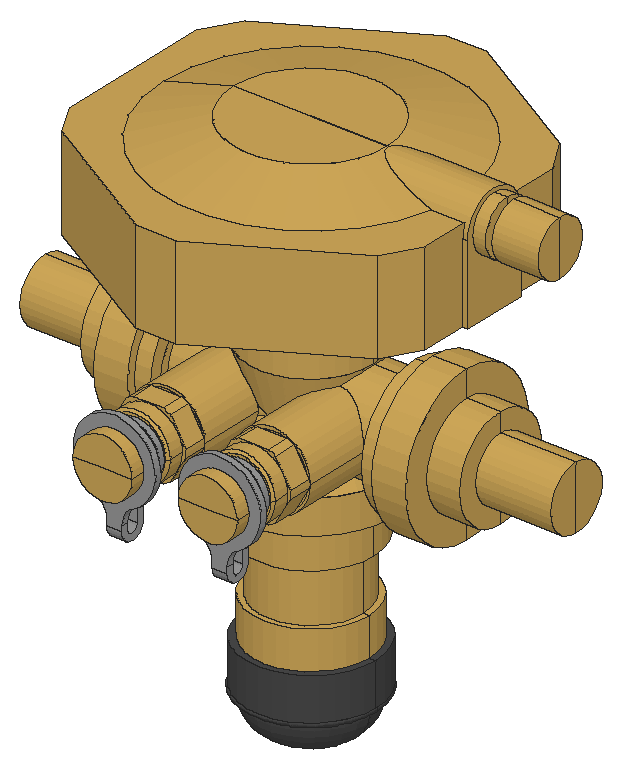
Revit family "Комби-клапан – регулятор расхода 4001", category Rohrzubehör, Revit 2018
Family settings
  Bemaßung runder Anschluss = Durchmesser verwenden
  Teiletyp = Unterbricht
  OmniClass-Nummer = 23.65.55.14
  OmniClass-Titel = Valves for Liquid Services
  Arbeitsebenenbasiert = Nein
  Immer vertikal = Ja
  Beim Laden mit Abzugskörper schneiden = Nein
  Gemeinsam genutzt = Nein
Parameters
  Номер заказа резьбового соединения [instance] = size_lookup("4001_", "Vrnr", 0, Nennweite)  # 1621011
  Номер заказа [instance] = size_lookup("4001_", "Artnr", 0, Nennweite)  # 1400121
  Мин. рабочая температура (антифриз) = -20 °C  # constant formula
  Макс. рабочая температура до DN32 = 130 °C  # constant formula
  Макс. рабочая температура от DN40 = 110 °C  # constant formula
  Макс. рабочее давление = 1600000.0 Pa  # constant formula
  VRL04 = 8.000 mm  # constant formula
  VRL03 [instance] = L01 + 4.000 mm  # 12.000 mm
  VRL02 = 18.000 mm  # constant formula
  VRL01 [instance] = size_lookup("4001_", "VRL1", 30.000 mm, Nennweite)  # 30.000 mm
  URL = "www.herz-armaturen.ru"
  SCRNSEQ = "ARM;ARM_TYP=\"DURR\";2"
  SCRNCODE = "05;04;02"  # constant formula
  S05 [instance] = VRL01  # 30.000 mm
  S04 [instance] = H08 + (S03 / 2)  # 45.750 mm
  S03 [instance] = H09 + 4.700 mm  # 26.500 mm
  S02 [instance] = VRD01 * 2  # 36.400 mm
  S01 = 10.000 mm  # constant formula
  R12 = 3.900 mm  # constant formula
  R11 = 6.500 mm  # constant formula
  R10 = 35.000 mm  # constant formula
  R09 = 18.250 mm  # constant formula
  R08 = 11.300 mm  # constant formula
  R07 [instance] = size_lookup("4001_", "R7", 17.300 mm, Nennweite)  # 17.300 mm
  R06 [instance] = size_lookup("4001_", "R6", 19.000 mm, Nennweite)  # 19.000 mm
  R05 = 15.000 mm  # constant formula
  R04 = 12.500 mm  # constant formula
  R02 [instance] = size_lookup("4001_", "R2", 15.000 mm, Nennweite)  # 15.000 mm
  R01 [instance] = size_lookup("4001_", "R1", 11.500 mm, Nennweite)  # 11.500 mm
  PN = 16  # constant formula
  Nennweite [instance] = 15.000 mm
  Мин. рабочая температура (чистая вода) = 2 °C  # constant formula
  Мембрана и O-Ringe = "EPDM"  # constant formula
  Среда = "Качество теплоносителя в соответствии с ÖNORM H5195 и/или предписаниями VDI-Standard 2035.\nРазрешается использование смеси этилен- или пропиленгликоля в соотношении 25-50% с водой."
  L06 [instance] = L00 / 2  # 33.000 mm
  L05 = 11.000 mm  # constant formula
  L04 = 1.500 mm  # constant formula
  L03 = 3.200 mm  # constant formula
  L02 = 43.500 mm  # constant formula
  L01 [instance] = size_lookup("4001_", "L1", 8.000 mm, Nennweite)  # 8.000 mm
  L00 [instance] = size_lookup("4001_", "L", 66.000 mm, Nennweite)  # 66.000 mm
  Hersteller = "Herz-Armaturen GmbH"  # constant formula
  H13 [instance] = H02 - H05 - H03 - H04 - 2.000 mm  # 17.700 mm
  H12 = 19.250 mm  # constant formula
  H11 [instance] = size_lookup("4001_", "H11", 59.000 mm, Nennweite)  # 59.000 mm
  H10 [instance] = H08 + H09  # 54.300 mm
  H09 = 21.800 mm  # constant formula
  H08 [instance] = H01 + H06 + H07  # 32.500 mm
  H07 = 4.000 mm  # constant formula
  H06 [instance] = size_lookup("4001_", "H6", 10.000 mm, Nennweite)  # 10.000 mm
  H05 = 9.000 mm  # constant formula
  H04 [instance] = size_lookup("4001_", "H4", 9.600 mm, Nennweite)  # 9.600 mm
  H03 [instance] = size_lookup("4001_", "H3", 13.000 mm, Nennweite)  # 13.000 mm
  H02 [instance] = size_lookup("4001_", "H2", 55.300 mm, Nennweite)  # 51.300 mm
  H01 [instance] = size_lookup("4001_", "H1", 18.500 mm, Nennweite)  # 18.500 mm
  Корпус = "Латунь, устойчивая к селективной цинковой коррозии"  # constant formula
  VRG03 [instance] = Nennweite / 2  # 7.500 mm
  G02 [instance] = size_lookup("4001_", "G2", 13.900 mm, Nennweite)  # 13.900 mm
  G01 [instance] = size_lookup("4001_", "G1", 13.200 mm, Nennweite)  # 13.200 mm
  DN50 [instance] = Nennweite = 50.000 mm  # no
  DN40 [instance] = Nennweite = 40.000 mm  # no
  DN32 [instance] = Nennweite = 32.000 mm  # no
  DN25 [instance] = Nennweite = 25.000 mm  # no
  DN20 [instance] = Nennweite = 20.000 mm  # no
  DN15 [instance] = Nennweite = 15.000 mm  # yes
  VRD03 [instance] = VRG03 + 4.500 mm  # 12.000 mm
  VRD02 [instance] = G01 + 3.000 mm  # 16.200 mm
  VRD01 [instance] = G01 + 5.000 mm  # 18.200 mm
  Область применения = "Регулятор расхода применяется в системах отопления и охлаждения с циркуляционными насосами. Регулятор расхода автоматически ограничивает расход на выбранном участке системы до заданного значения, компенсируя все колебания давления. При этом нет необходимости в измерениях, а регулирование эффективно при любых условиях эксплуатации. Регулятор расхода регулирует расход в соответствии с настройкой до заданного значения; на мембрану воздействует давление непосредственно до и после регулирующей части. \nПреднастройка определяется расходом; соответственно при монтаже требуемый расход можно настроить согласно диаграмме. Таким образом, можно сбалансировать, к примеру, контуры систем отопления, охлаждения, систем панельно-лучистого отопления и охлаждения, воздушного отопления без учета распределения потерь давления в них."
Reference planes
  plane 1 "Mitte (Vorne/hinten)": y = 0
  plane 2: z = 0
  plane 3 "Mitte (Links/rechts)": x = 0
Forms (mm)
  Revolve 1, solid, material "Messing, weicher Gelbton, geschweißt", detail levels fine
    sketch origin (0, 0, 0) x (1, 0, 0) y (0, 0, 1)
      loop
        line (-33, 0) -> (33, 0) -> (33, 13.2) -> (25, 13.2) -> (25, 11.5) -> (-25, 11.5) -> (-25, 13.2) -> (-33, 13.2) -> (-33, 0)
      axis (-33, 0) -> (33, 0)
    angle from 0 to 360
  Revolve 2, solid, material "Messing, weicher Gelbton, geschweißt", detail levels fine
    sketch origin (0, 0, 0) x (1, 0, 0) y (0, 0, 1)
      loop
        line (0, -51.3) -> (0, 18.5) -> (-15, 18.5) -> (-15, 11.5) -> (-11.5, 0) -> (-19, -11.5) -> (-19, -19.7) -> (-15, -19.7) -> (-15, -29.3) -> (-12.5, -29.3) -> (-12.5, -42.3) -> (-13.9, -42.3) -> (-13.9, -51.3) -> (0, -51.3)
      axis (0, 18.5) -> (0, -51.3)
    angle from 0 to 360
  Revolve 3, solid, material "Messing, weicher Gelbton, geschweißt", detail levels fine
    sketch origin (0, 0, 0) x (1, 0, 0) y (0, 0, 1)
      loop
        line (0, 18.5) -> (0, 32.5) -> (-11.3, 32.5) -> (-11.3, 28.5) -> (-17.3, 28.5) -> (-17.3, 18.5) -> (0, 18.5)
      axis (0, 32.5) -> (0, 18.5)
    angle from 0 to 360
  Extrusion 4, solid, material "Messing, weicher Gelbton, geschweißt", detail levels fine
    sketch origin (0, 0, 0) x (0, -1, 0) y (1, 0, 0)
      loop
        line (-46, -4.75) -> (-27.114, -37.462) -> (-18.886, -42.212) -> (18.886, -42.212) -> (27.114, -37.462) -> (46, -4.75) -> (46, 4.75) -> (27.114, 37.462) -> (18.886, 42.212) -> (-18.886, 42.212) -> (-27.114, 37.462) -> (-46, 4.75) -> (-46, -4.75)
    from 32.5 to 54.3
  Revolve 5, solid, material "Messing, weicher Gelbton, geschweißt", detail levels fine
    sketch origin (0, 0, 0) x (1, 0, 0) y (0, 0, 1)
      loop
        line (0, 54.3) -> (0, 59) -> (-18.25, 59) -> (-35, 54.3) -> (0, 54.3)
      axis (0, 59) -> (0, 54.3)
    angle from 0 to 360
  Extrusion 6, solid, material "Messing, weicher Gelbton, geschweißt", detail levels fine
    sketch origin (0, 0, 0) x (0, 1, 0) y (0, 0, 1)
      loop
        arc (7.85, 51.15) -> (0, 59) -> (-7.85, 51.15) r 7.85
        line (-7.85, 51.15) -> (-7.85, 32.5) -> (7.85, 32.5) -> (7.85, 51.15)
    from 0 to 43.5
  Revolve 7, solid, material "Messing, weicher Gelbton, geschweißt", detail levels fine
    sketch origin (0, 0, 0) x (1, 0, 0) y (0, 0, 1)
      loop
        line (43.5, 51.75) -> (59.2, 51.75) -> (59.2, 58.25) -> (48.2, 58.25) -> (48.2, 55.65) -> (46.7, 55.65) -> (46.7, 58.25) -> (43.5, 58.25) -> (43.5, 51.75)
      axis (43.5, 51.75) -> (59.2, 51.75)
    angle from 0 to 360
  Revolve 8, solid, material "Messing, weicher Gelbton, geschweißt", visible <- "DN15", detail levels fine
    sketch origin (0, 0, 0) x (1, 0, 0) y (0, 1, 0)
      loop
        line (12.5, 0) -> (12.5, -27) -> (21.6, -27) -> (21.6, 0) -> (12.5, 0)
      axis (12.5, 0) -> (12.5, -27)
    angle from 0 to 360
  Revolve 9, solid, material "Messing, weicher Gelbton, geschweißt", visible <- "DN20", detail levels fine
    sketch origin (-2, 0, 0) x (1, 0, 0) y (0, 1, 0)
      loop
        line (-12.5, 27) -> (-20.2, 27) -> (-20.2, 0) -> (-21.5, 0) -> (-21.5, -29) -> (-12.5, -29) -> (-12.5, 27)
      axis (-12.5, 27) -> (-12.5, -29)
    angle from 0 to 360
  Revolve 10, solid, material "Messing, weicher Gelbton, geschweißt", visible <- "DN20", detail levels fine
    sketch origin (2, 0, 0) x (1, 0, 0) y (0, 1, 0)
      loop
        line (12.5, 0) -> (12.5, -29) -> (21.6, -29) -> (21.6, 0) -> (12.5, 0)
      axis (12.5, 0) -> (12.5, -29)
    angle from 0 to 360
  Revolve 11, solid, material "Messing, weicher Gelbton, geschweißt", visible <- "DN20", detail levels fine
    sketch origin (-14.5, 3, 0) x (0, 1, 0) y (0, 0, 1)
      loop
        line (24, 0) -> (39.7, 0) -> (39.7, 6.5) -> (28.7, 6.5) -> (28.7, 3.9) -> (27.2, 3.9) -> (27.2, 6.5) -> (24, 6.5) -> (24, 0)
      axis (24, 0) -> (39.7, 0)
    angle from 0 to 360
  Revolve 12, solid, material "Messing, weicher Gelbton, geschweißt", visible <- "DN25", detail levels fine
    sketch origin (-2.1, 0, 0) x (1, 0, 0) y (0, 1, 0)
      loop
        line (-12.5, 27) -> (-20.2, 27) -> (-20.2, 0) -> (-21.5, 0) -> (-21.5, -29) -> (-12.5, -29) -> (-12.5, 27)
      axis (-12.5, 27) -> (-12.5, -29)
    angle from 0 to 360
  Revolve 13, solid, material "Messing, weicher Gelbton, geschweißt", visible <- "DN25", detail levels fine
    sketch origin (-14.6, 3, 0) x (0, 1, 0) y (0, 0, 1)
      loop
        line (24, 0) -> (39.7, 0) -> (39.7, 6.5) -> (28.7, 6.5) -> (28.7, 3.9) -> (27.2, 3.9) -> (27.2, 6.5) -> (24, 6.5) -> (24, 0)
      axis (24, 0) -> (39.7, 0)
    angle from 0 to 360
  Revolve 14, solid, material "Messing, weicher Gelbton, geschweißt", visible <- "DN25", detail levels fine
    sketch origin (2.1, 0, 0) x (1, 0, 0) y (0, 1, 0)
      loop
        line (12.5, 0) -> (12.5, -29) -> (21.6, -29) -> (21.6, 0) -> (12.5, 0)
      axis (12.5, 0) -> (12.5, -29)
    angle from 0 to 360
  Revolve 15, solid, material "Messing, weicher Gelbton, geschweißt", visible <- "DN32", detail levels fine
    sketch origin (0, 0, 0.637) x (1, 0, 0) y (0, 0, 1)
      loop
        line (-31.5, -0.637) -> (-40.5, -0.637) -> (-40.5, -43.437) -> (-31.5, -43.437) -> (-31.5, -0.637)
      axis (-31.5, -43.437) -> (-31.5, -0.637)
    angle from 0 to 360
  Revolve 16, solid, material "Messing, weicher Gelbton, geschweißt", visible <- "DN32", detail levels fine
    sketch origin (0, 0, 0.637) x (-1, 0, 0) y (0, 0, 1)
      loop
        line (-31.5, -0.637) -> (-40.5, -0.637) -> (-40.5, -43.437) -> (-31.5, -43.437) -> (-31.5, -0.637)
      axis (-31.5, -43.437) -> (-31.5, -0.637)
    angle from 0 to 360
  Revolve 17, solid, material "Messing, weicher Gelbton, geschweißt", visible <- "DN40", detail levels fine
    sketch origin (0, 0, 0) x (1, 0, 0) y (0, 0, 1)
      loop
        line (-37, 0) -> (-46, 0) -> (-46, -54.2) -> (-37, -54.2) -> (-37, 0)
      axis (-37, 0) -> (-37, -54.2)
    angle from 0 to 360
  Revolve 18, solid, material "Messing, weicher Gelbton, geschweißt", visible <- "DN40", detail levels fine
    sketch origin (0, 0, 0) x (-1, 0, 0) y (0, 0, 1)
      loop
        line (-37, 0) -> (-46, 0) -> (-46, -54.2) -> (-37, -54.2) -> (-37, 0)
      axis (-37, 0) -> (-37, -54.2)
    angle from 0 to 360
  Revolve 19, solid, material "Messing, weicher Gelbton, geschweißt", visible <- "DN50", detail levels fine
    sketch origin (-0.1, 0, 0) x (1, 0, 0) y (0, 0, 1)
      loop
        line (-37, 0) -> (-46, 0) -> (-46, -54.2) -> (-37, -54.2) -> (-37, 0)
      axis (-37, 0) -> (-37, -54.2)
    angle from 0 to 360
  Revolve 20, solid, material "Messing, weicher Gelbton, geschweißt", visible <- "DN50", detail levels fine
    sketch origin (0.1, 0, 0) x (-1, 0, 0) y (0, 0, 1)
      loop
        line (-37, 0) -> (-46, 0) -> (-46, -54.2) -> (-37, -54.2) -> (-37, 0)
      axis (-37, 0) -> (-37, -54.2)
    angle from 0 to 360
  Revolve 21, solid, material "Messing, weicher Gelbton, geschweißt", detail levels fine
    sketch origin (-97.028, 0, 0) x (1, 0, 0) y (0, 0, 1)
      loop
        line (130.028, 0) -> (160.028, 0) -> (160.028, 7.5) -> (142.028, 7.5) -> (142.028, 12) -> (134.028, 12) -> (134.028, 18.2) -> (126.028, 18.2) -> (126.028, 16.2) -> (122.028, 16.2) -> (122.028, 13.2) -> (130.028, 13.2) -> (130.028, 0)
      axis (122.028, 0) -> (160.028, 0)
    angle from 0 to 360
  Revolve 22, solid, material "Messing, weicher Gelbton, geschweißt", detail levels fine
    sketch origin (97.028, 0, 0) x (-1, 0, 0) y (0, 0, 1)
      loop
        line (130.028, 0) -> (160.028, 0) -> (160.028, 7.5) -> (142.028, 7.5) -> (142.028, 12) -> (134.028, 12) -> (134.028, 18.2) -> (126.028, 18.2) -> (126.028, 16.2) -> (122.028, 16.2) -> (122.028, 13.2) -> (130.028, 13.2) -> (130.028, 0)
      axis (122.028, 0) -> (160.028, 0)
    angle from 0 to 360
  Revolve 23, solid, material "Messing, weicher Gelbton, geschweißt", visible <- "DN15", detail levels fine
    sketch origin (-25, 0, 0) x (-1, 0, 0) y (0, -1, 0)
      loop
        line (-12.5, -24) -> (-12.5, 27) -> (-21.5, 27) -> (-21.5, 0) -> (-20.2, 0) -> (-20.2, -24) -> (-12.5, -24)
      axis (-12.5, -24) -> (-12.5, 27)
    angle from 0 to 360
  Revolve 24, solid, material "Messing, weicher Gelbton, geschweißt", visible <- "DN15", detail levels fine
    sketch origin (-12.5, 0, 0) x (0, -1, 0) y (0, 0, 1)
      loop
        line (-24, 0) -> (-24, 6.5) -> (-27.2, 6.5) -> (-27.2, 3.9) -> (-28.7, 3.9) -> (-28.7, 6.5) -> (-39.7, 6.5) -> (-39.7, 0) -> (-24, 0)
      axis (-24, 0) -> (-39.7, 0)
    angle from 0 to 360
  Revolve 25, solid, material "Messing, weicher Gelbton, geschweißt", visible <- "DN32", detail levels fine
    sketch origin (-9.5, 0, 0) x (1, 0, 0) y (0, 1, 0)
      loop
        line (-12.5, -31) -> (-12.5, 0) -> (-20.2, 0) -> (-20.2, -31) -> (-12.5, -31)
      axis (-12.5, 0) -> (-12.5, -31)
    angle from 0 to 360
  Revolve 26, solid, material "Messing, weicher Gelbton, geschweißt", visible <- "DN32", detail levels fine
    sketch origin (-22, -7, 0) x (0, -1, 0) y (0, 0, -1)
      loop
        line (24, 0) -> (24, -6.5) -> (27.2, -6.5) -> (27.2, -3.9) -> (28.7, -3.9) -> (28.7, -6.5) -> (39.7, -6.5) -> (39.7, 0) -> (24, 0)
      axis (24, 0) -> (39.7, 0)
    angle from 0 to 360
  Revolve 27, solid, material "Messing, weicher Gelbton, geschweißt", visible <- "DN40", detail levels fine
    sketch origin (-17.5, 0, 0) x (1, 0, 0) y (0, 1, 0)
      loop
        line (-12.5, -39.5) -> (-12.5, 0) -> (-20.2, 0) -> (-20.2, -39.5) -> (-12.5, -39.5)
      axis (-12.5, 0) -> (-12.5, -39.5)
    angle from 0 to 360
  Revolve 28, solid, material "Messing, weicher Gelbton, geschweißt", visible <- "DN40", detail levels fine
    sketch origin (-30, -15.5, 0) x (0, -1, 0) y (0, 0, -1)
      loop
        line (24, 0) -> (24, -6.5) -> (27.2, -6.5) -> (27.2, -3.9) -> (28.7, -3.9) -> (28.7, -6.5) -> (39.7, -6.5) -> (39.7, 0) -> (24, 0)
      axis (24, 0) -> (39.7, 0)
    angle from 0 to 360
  Revolve 29, solid, material "Messing, weicher Gelbton, geschweißt", visible <- "DN50", detail levels fine
    sketch origin (-17.6, 0, 0) x (1, 0, 0) y (0, 1, 0)
      loop
        line (-12.5, -39.5) -> (-12.5, 0) -> (-20.2, 0) -> (-20.2, -39.5) -> (-12.5, -39.5)
      axis (-12.5, 0) -> (-12.5, -39.5)
    angle from 0 to 360
  Revolve 30, solid, material "Messing, weicher Gelbton, geschweißt", visible <- "DN50", detail levels fine
    sketch origin (-30.1, -15.5, 0) x (0, -1, 0) y (0, 0, -1)
      loop
        line (24, 0) -> (24, -6.5) -> (27.2, -6.5) -> (27.2, -3.9) -> (28.7, -3.9) -> (28.7, -6.5) -> (39.7, -6.5) -> (39.7, 0) -> (24, 0)
      axis (24, 0) -> (39.7, 0)
    angle from 0 to 360
Lines and regions (mm)
  model lines, detail levels coarse+medium
    curve 1: line (33, -18.2, 0) -> (33, 18.2, 0)
    curve 2: line (33, 18.2, 0) -> (-33, -18.2, 0)
    curve 3: line (-33, -18.2, 0) -> (-33, 18.2, 0)
    curve 4: line (-33, 18.2, 0) -> (33, -18.2, 0)
    curve 5: line (0, -18.5, 0) -> (0, -32.5, 0)
    curve 6: spline (-43.5, -45.75, 0) -> (-42.018, -42.321, 0) -> (-37.672, -39.125, 0) -> (-30.759, -36.381, 0) -> (-21.75, -34.275, 0) -> (-11.259, -32.951, 0) -> (0, -32.5, 0) -> (11.259, -32.951, 0) -> (21.75, -34.275, 0) -> (30.759, -36.381, 0) -> (37.672, -39.125, 0) -> (42.018, -42.321, 0) -> (43.5, -45.75, 0) -> (42.018, -49.179, 0) -> (37.672, -52.375, 0) -> (30.759, -55.119, 0) -> (21.75, -57.225, 0) -> (11.259, -58.549, 0) -> (0, -59, 0) -> (-11.259, -58.549, 0) -> (-21.75, -57.225, 0) -> (-30.759, -55.119, 0) -> (-37.672, -52.375, 0) -> (-42.018, -49.179, 0) -> (-43.5, -45.75, 0)
    curve 7: line (-33, 0, 18.2) -> (-33, 0, -18.2)
    curve 8: line (-33, 0, -18.2) -> (33, 0, 18.2)
    curve 9: line (33, 0, 18.2) -> (33, 0, -18.2)
    curve 10: line (33, 0, -18.2) -> (-33, 0, 18.2)
    curve 11: line (0, 0, 18.5) -> (0, 0, 32.5)
    curve 12: spline (-43.5, 0, 45.75) -> (-42.018, 0, 49.179) -> (-37.672, 0, 52.375) -> (-30.759, 0, 55.119) -> (-21.75, 0, 57.225) -> (-11.259, 0, 58.549) -> (0, 0, 59) -> (11.259, 0, 58.549) -> (21.75, 0, 57.225) -> (30.759, 0, 55.119) -> (37.672, 0, 52.375) -> (42.018, 0, 49.179) -> (43.5, 0, 45.75) -> (42.018, 0, 42.321) -> (37.672, 0, 39.125) -> (30.759, 0, 36.381) -> (21.75, 0, 34.275) -> (11.259, 0, 32.951) -> (0, 0, 32.5) -> (-11.259, 0, 32.951) -> (-21.75, 0, 34.275) -> (-30.759, 0, 36.381) -> (-37.672, 0, 39.125) -> (-42.018, 0, 42.321) -> (-43.5, 0, 45.75)
    curve 13: line (0, 0, 18.5) -> (16.5, 0, 9.1)
    curve 14: line (0, 0, 18.5) -> (-16.5, 0, 9.1)
    curve 15: line (33, 0, 18.2) -> (43, 0, 18.2)
    curve 16: line (43, 0, 18.2) -> (33, 0, 0)
    curve 17: line (33, 0, -18.2) -> (43, 0, -18.2)
    curve 18: line (43, 0, -18.2) -> (33, 0, 0)
    curve 19: line (33, 0, 0) -> (63, 0, 0)
    curve 20: line (-33, 0, 18.2) -> (-43, 0, 18.2)
    curve 21: line (-43, 0, 18.2) -> (-33, 0, 0)
    curve 22: line (-33, 0, -18.2) -> (-43, 0, -18.2)
    curve 23: line (-43, 0, -18.2) -> (-33, 0, 0)
    curve 24: line (-33, 0, 0) -> (-63, 0, 0)
    curve 25: line (0, -18.5, 0) -> (-16.5, -9.1, 0)
    curve 26: line (0, -18.5, 0) -> (16.5, -9.1, 0)
    curve 27: line (33, 18.2, 0) -> (43, 18.2, 0)
    curve 28: line (43, 18.2, 0) -> (33, 0, 0)
    curve 29: line (33, -18.2, 0) -> (43, -18.2, 0)
    curve 30: line (43, -18.2, 0) -> (33, 0, 0)
    curve 31: line (-33, 18.2, 0) -> (-43, 18.2, 0)
    curve 32: line (-43, 18.2, 0) -> (-33, 0, 0)
    curve 33: line (-33, -18.2, 0) -> (-43, -18.2, 0)
    curve 34: line (-43, -18.2, 0) -> (-33, 0, 0)
Dimensions and locks
  equal spacing: Revolve 1 sketch curve, plane 3 "Mitte (Links/rechts)", Revolve 1 sketch curve
  "L00": Revolve 1 sketch curve to Revolve 1 sketch curve
  "G01": Revolve 1 sketch curve to Revolve 1 sketch curve  (x2)
  "R01": Revolve 1 sketch curve to Revolve 1 sketch curve
  "L01": Revolve 1 sketch curve to Revolve 1 sketch curve  (x2)
  "H01": Revolve 2 sketch curve to plane 2
  "R01": Revolve 2 sketch curve to plane 2
  "R02": Revolve 2 sketch curve to Revolve 2 sketch curve
  "R01": Revolve 2 sketch curve to Revolve 2 sketch curve
  "H02": plane 2 to Revolve 2 sketch curve
  "G02": plane 3 "Mitte (Links/rechts)" to Revolve 2 sketch curve
  "H05": Revolve 2 sketch curve to Revolve 2 sketch curve
  "R04": Revolve 2 sketch curve to Revolve 2 sketch curve
  "R05": Revolve 2 sketch curve to Revolve 2 sketch curve
  "R06": Revolve 2 sketch curve to Revolve 2 sketch curve
  "R01": plane 2 to Revolve 2 sketch curve
  "H03": Revolve 2 sketch curve to Revolve 2 sketch curve
  "H04": Revolve 2 sketch curve to Revolve 2 sketch curve
  "H01": Revolve 3 sketch curve to plane 2
  "H06": Revolve 3 sketch curve to Revolve 3 sketch curve
  "R07": Revolve 3 sketch curve to Revolve 3 sketch curve
  "H07": Revolve 3 sketch curve to Revolve 3 sketch curve
  "R08": Revolve 3 sketch curve to Revolve 3 sketch curve
  "H08": Extrusion 4 to plane 2
  "H09": Extrusion 4 to Extrusion 4
  "H10": Revolve 5 sketch curve to plane 2
  "H11": Revolve 5 sketch curve to plane 2
  "R09": Revolve 5 sketch curve to Revolve 5 sketch curve
  "R10": Revolve 5 sketch curve to Revolve 5 sketch curve
  "L02": Extrusion 6 to plane 3 "Mitte (Links/rechts)"
  "H08": Extrusion 6 to plane 2
  "H12": Revolve 7 sketch curve to Extrusion 4
  "R11": Revolve 7 sketch curve to Revolve 7 sketch curve  (x2)
  "L03": Revolve 7 sketch curve to Revolve 7 sketch curve
  "L04": Revolve 7 sketch curve to Revolve 7 sketch curve
  "L05": Revolve 7 sketch curve to Revolve 7 sketch curve
  "R12": Revolve 7 sketch curve to Revolve 7 sketch curve
  "R06": plane 1 "Mitte (Vorne/hinten)" to nested 1
  Revolve 9 sketch curve to plane 1 "Mitte (Vorne/hinten)" = 29.000 mm
  plane 1 "Mitte (Vorne/hinten)" to Revolve 9 sketch curve = 27.000 mm
  Revolve 10 sketch curve to plane 1 "Mitte (Vorne/hinten)" = 29.000 mm
  "R11": Revolve 11 sketch curve to Revolve 11 sketch curve  (x2)
  "L03": Revolve 11 sketch curve to Revolve 11 sketch curve
  "L04": Revolve 11 sketch curve to Revolve 11 sketch curve
  "L05": Revolve 11 sketch curve to Revolve 11 sketch curve
  "R12": Revolve 11 sketch curve to Revolve 11 sketch curve
  "H13": plane 2 to nested 1
  "R11": Revolve 13 sketch curve to Revolve 13 sketch curve  (x2)
  "L03": Revolve 13 sketch curve to Revolve 13 sketch curve
  "L04": Revolve 13 sketch curve to Revolve 13 sketch curve
  "L05": Revolve 13 sketch curve to Revolve 13 sketch curve
  "R12": Revolve 13 sketch curve to Revolve 13 sketch curve
  plane 3 "Mitte (Links/rechts)" to Revolve 15 sketch curve = 31.500 mm
  Revolve 15 sketch curve to Revolve 15 sketch curve = 9.000 mm
  plane 2 to Revolve 15 sketch curve = 42.800 mm
  Revolve 16 sketch curve to Revolve 16 sketch curve = 9.000 mm
  "VRL01": Revolve 21 sketch curve to Revolve 21 sketch curve
  "L01": Revolve 21 sketch curve to Revolve 21 sketch curve
  "G01": Revolve 21 sketch curve to plane 2
  "VRD02": Revolve 21 sketch curve to plane 2
  "VRD01": Revolve 21 sketch curve to plane 2
  "VRG03": Revolve 21 sketch curve to Revolve 21 sketch curve
  "VRL02": Revolve 21 sketch curve to Revolve 21 sketch curve
  "VRD03": Revolve 21 sketch curve to Revolve 21 sketch curve
  "VRL03": Revolve 21 sketch curve to Revolve 21 sketch curve
  "VRL04": Revolve 21 sketch curve to Revolve 21 sketch curve
  "L06": plane 3 "Mitte (Links/rechts)" to Revolve 21 sketch curve
  "VRL01": Revolve 22 sketch curve to Revolve 22 sketch curve
  "L01": Revolve 22 sketch curve to Revolve 22 sketch curve
  "VRG03": Revolve 22 sketch curve to Revolve 22 sketch curve
  "VRL02": Revolve 22 sketch curve to Revolve 22 sketch curve
  "VRD03": Revolve 22 sketch curve to Revolve 22 sketch curve
  "VRL03": Revolve 22 sketch curve to Revolve 22 sketch curve
  "VRL04": Revolve 22 sketch curve to Revolve 22 sketch curve
  "L06": Revolve 22 sketch curve to plane 3 "Mitte (Links/rechts)"
  "H02": plane 2 to nested 2
  equal spacing: curve 3, plane 3 "Mitte (Links/rechts)", curve 1
  "L00": curve 3 to curve 1
  "S02": curve 4 to curve 3
  equal spacing: curve 3, plane 1 "Mitte (Vorne/hinten)", curve 4
  "VRD01": Revolve 22 sketch curve to plane 2
  "VRD02": Revolve 22 sketch curve to plane 2
  equal spacing: curve 4, plane 1 "Mitte (Vorne/hinten)", curve 2
  "S02": curve 2 to curve 4
  "S03": curve 6 to curve 6
  "L02": curve 6 to plane 3 "Mitte (Links/rechts)"
  "L02": plane 3 "Mitte (Links/rechts)" to curve 6
  "S04": curve 6 to plane 1 "Mitte (Vorne/hinten)"
  "H08": curve 5 to plane 1 "Mitte (Vorne/hinten)"
  "S02": curve 10 to curve 8
  equal spacing: curve 10, plane 2, curve 8
  "S02": curve 9 to curve 10
  equal spacing: curve 9, plane 2, curve 10
  "L00": curve 7 to curve 9
  equal spacing: curve 7, plane 3 "Mitte (Links/rechts)", curve 9
  "H08": curve 11 to plane 2
  "S03": curve 12 to curve 12
  "L02": curve 12 to plane 3 "Mitte (Links/rechts)"
  "L02": plane 3 "Mitte (Links/rechts)" to curve 12
  "S04": curve 12 to plane 2
  equal spacing: plane 3 "Mitte (Links/rechts)", curve 14, curve 7
  equal spacing: curve 9, curve 13, plane 3 "Mitte (Links/rechts)"
  "H01": curve 14 to plane 2
  "S01": curve 9 to curve 16
  "S01": curve 9 to curve 18
  "S05": curve 19 to curve 19
  "S05": curve 24 to curve 24
  "S01": curve 21 to curve 7
  "S01": curve 23 to curve 7
  equal spacing: curve 3, curve 25, plane 3 "Mitte (Links/rechts)"
  equal spacing: plane 3 "Mitte (Links/rechts)", curve 26, curve 1
  "H01": curve 26 to plane 1 "Mitte (Vorne/hinten)"
  "S01": curve 1 to curve 28
  "S01": curve 1 to curve 30
  "S01": curve 32 to curve 3
  "S01": curve 34 to curve 3
  "R11": Revolve 24 sketch curve to Revolve 24 sketch curve  (x2)
  "L03": Revolve 24 sketch curve to Revolve 24 sketch curve
  "L04": Revolve 24 sketch curve to Revolve 24 sketch curve
  "L05": Revolve 24 sketch curve to Revolve 24 sketch curve
  "R12": Revolve 24 sketch curve to Revolve 24 sketch curve
  "R11": Revolve 26 sketch curve to Revolve 26 sketch curve  (x2)
  "L03": Revolve 26 sketch curve to Revolve 26 sketch curve
  "L04": Revolve 26 sketch curve to Revolve 26 sketch curve
  "L05": Revolve 26 sketch curve to Revolve 26 sketch curve
  "R12": Revolve 26 sketch curve to Revolve 26 sketch curve
  Revolve 25 sketch curve to Revolve 25 sketch curve = 31.000 mm
  "R11": Revolve 28 sketch curve to Revolve 28 sketch curve  (x2)
  "L03": Revolve 28 sketch curve to Revolve 28 sketch curve
  "L04": Revolve 28 sketch curve to Revolve 28 sketch curve
  "L05": Revolve 28 sketch curve to Revolve 28 sketch curve
  "R12": Revolve 28 sketch curve to Revolve 28 sketch curve
  Revolve 27 sketch curve to Revolve 27 sketch curve = 39.500 mm
  "R11": Revolve 30 sketch curve to Revolve 30 sketch curve  (x2)
  "L03": Revolve 30 sketch curve to Revolve 30 sketch curve
  "L04": Revolve 30 sketch curve to Revolve 30 sketch curve
  "L05": Revolve 30 sketch curve to Revolve 30 sketch curve
  "R12": Revolve 30 sketch curve to Revolve 30 sketch curve
  Revolve 29 sketch curve to Revolve 29 sketch curve = 39.500 mm
  aligned and locked: level to plane 2
Automatic sketch dimensions
  plane 3 "Mitte (Links/rechts)" to Extrusion 4 sketch curve = 4.750 mm  (x2)
  Extrusion 4 sketch curve to plane 1 "Mitte (Vorne/hinten)" = 46.000 mm
  Extrusion 4 sketch curve to plane 1 "Mitte (Vorne/hinten)" = 27.114 mm  (x2)
  Extrusion 4 sketch curve to Extrusion 4 sketch curve = 8.227 mm  (x4)
  plane 1 "Mitte (Vorne/hinten)" to Extrusion 4 sketch curve = 18.886 mm  (x2)
  Extrusion 4 sketch curve to Extrusion 4 sketch curve = 18.886 mm
  Extrusion 4 sketch curve to plane 3 "Mitte (Links/rechts)" = 4.750 mm  (x2)
  Extrusion 4 sketch curve to plane 3 "Mitte (Links/rechts)" = 37.462 mm  (x2)
  Extrusion 4 sketch curve to Extrusion 4 sketch curve = 4.750 mm  (x2)
  plane 3 "Mitte (Links/rechts)" to Extrusion 4 sketch curve = 37.462 mm  (x2)
  Extrusion 6 sketch curve to plane 1 "Mitte (Vorne/hinten)" = 0.000 mm
  plane 1 "Mitte (Vorne/hinten)" to Extrusion 6 sketch curve = 7.850 mm
  level to Extrusion 6 sketch curve = 32.500 mm
  Extrusion 6 sketch curve to Extrusion 6 sketch curve = 18.650 mm
  Extrusion 6 sketch curve to Extrusion 6 sketch curve = 0.000 mm
  plane 1 "Mitte (Vorne/hinten)" to Revolve 8 sketch curve = 0.000 mm  (x2)
  plane 3 "Mitte (Links/rechts)" to Revolve 8 sketch curve = 12.500 mm
  Revolve 8 sketch curve to Revolve 8 sketch curve = 9.100 mm
  plane 1 "Mitte (Vorne/hinten)" to Revolve 8 sketch curve = 27.000 mm
  Revolve 8 sketch curve to Revolve 8 sketch curve = 0.000 mm  (x2)
  plane 1 "Mitte (Vorne/hinten)" to Revolve 9 sketch curve = 0.000 mm
  Revolve 9 sketch curve to plane 3 "Mitte (Links/rechts)" = 23.500 mm
  Revolve 9 sketch curve to plane 3 "Mitte (Links/rechts)" = 22.200 mm
  Revolve 9 sketch curve to Revolve 9 sketch curve = 7.700 mm
  Revolve 9 sketch curve to Revolve 9 sketch curve = 0.000 mm
  Revolve 9 sketch curve to Revolve 9 sketch curve = 2.000 mm
  Revolve 9 sketch curve to Revolve 9 sketch curve = 3.000 mm
  plane 1 "Mitte (Vorne/hinten)" to Revolve 10 sketch curve = 0.000 mm  (x2)
  plane 3 "Mitte (Links/rechts)" to Revolve 10 sketch curve = 14.500 mm
  Revolve 10 sketch curve to Revolve 10 sketch curve = 9.100 mm
  Revolve 10 sketch curve to Revolve 10 sketch curve = 0.000 mm
  Revolve 10 sketch curve to Revolve 10 sketch curve = 2.000 mm
  plane 1 "Mitte (Vorne/hinten)" to Revolve 12 sketch curve = 0.000 mm
  Revolve 12 sketch curve to plane 3 "Mitte (Links/rechts)" = 23.600 mm
  Revolve 12 sketch curve to plane 3 "Mitte (Links/rechts)" = 22.300 mm
  Revolve 12 sketch curve to Revolve 12 sketch curve = 7.700 mm
  plane 1 "Mitte (Vorne/hinten)" to Revolve 12 sketch curve = 29.000 mm
  Revolve 12 sketch curve to Revolve 12 sketch curve = 27.000 mm
  Revolve 12 sketch curve to Revolve 12 sketch curve = 0.000 mm
  Revolve 12 sketch curve to Revolve 12 sketch curve = 2.000 mm
  Revolve 12 sketch curve to Revolve 12 sketch curve = 3.000 mm
  plane 1 "Mitte (Vorne/hinten)" to Revolve 14 sketch curve = 0.000 mm  (x2)
  plane 3 "Mitte (Links/rechts)" to Revolve 14 sketch curve = 14.600 mm
  Revolve 14 sketch curve to Revolve 14 sketch curve = 9.100 mm
  Revolve 14 sketch curve to Revolve 14 sketch curve = 29.000 mm
  Revolve 14 sketch curve to Revolve 14 sketch curve = 0.000 mm
  Revolve 14 sketch curve to Revolve 14 sketch curve = 2.000 mm
  Revolve 15 sketch curve to level = 0.000 mm
  Revolve 15 sketch curve to Revolve 15 sketch curve = 0.000 mm
  Revolve 15 sketch curve to Revolve 15 sketch curve = 4.238 mm
  level to Revolve 15 sketch curve = 0.637 mm
  Revolve 16 sketch curve to level = 0.000 mm
  Revolve 16 sketch curve to plane 3 "Mitte (Links/rechts)" = 40.500 mm
  level to Revolve 16 sketch curve = 42.800 mm
  Revolve 16 sketch curve to Revolve 16 sketch curve = 0.000 mm
  Revolve 16 sketch curve to Revolve 16 sketch curve = 4.238 mm
  Revolve 16 sketch curve to level = 0.637 mm
  Revolve 17 sketch curve to level = 0.000 mm  (x2)
  Revolve 17 sketch curve to plane 3 "Mitte (Links/rechts)" = 46.000 mm
  Revolve 17 sketch curve to Revolve 17 sketch curve = 9.000 mm
  Revolve 17 sketch curve to level = 54.200 mm
  Revolve 17 sketch curve to Revolve 17 sketch curve = 0.000 mm  (x2)
  Revolve 18 sketch curve to level = 0.000 mm  (x2)
  Revolve 18 sketch curve to plane 3 "Mitte (Links/rechts)" = 46.000 mm
  Revolve 18 sketch curve to Revolve 18 sketch curve = 9.000 mm
  level to Revolve 18 sketch curve = 54.200 mm
  Revolve 18 sketch curve to Revolve 18 sketch curve = 0.000 mm  (x2)
  Revolve 19 sketch curve to level = 0.000 mm  (x2)
  Revolve 19 sketch curve to plane 3 "Mitte (Links/rechts)" = 46.100 mm
  Revolve 19 sketch curve to Revolve 19 sketch curve = 9.000 mm
  Revolve 19 sketch curve to Revolve 19 sketch curve = 54.200 mm
  Revolve 19 sketch curve to Revolve 19 sketch curve = 0.000 mm  (x2)
  Revolve 20 sketch curve to level = 0.000 mm  (x2)
  Revolve 20 sketch curve to plane 3 "Mitte (Links/rechts)" = 46.100 mm
  Revolve 20 sketch curve to Revolve 20 sketch curve = 9.000 mm
  Revolve 20 sketch curve to Revolve 20 sketch curve = 54.200 mm
  Revolve 20 sketch curve to Revolve 20 sketch curve = 0.000 mm  (x2)
  plane 1 "Mitte (Vorne/hinten)" to Revolve 23 sketch curve = 0.000 mm
  Revolve 23 sketch curve to plane 3 "Mitte (Links/rechts)" = 3.500 mm
  Revolve 23 sketch curve to plane 3 "Mitte (Links/rechts)" = 4.800 mm
  Revolve 23 sketch curve to Revolve 23 sketch curve = 7.700 mm
  Revolve 23 sketch curve to plane 1 "Mitte (Vorne/hinten)" = 24.000 mm
  plane 1 "Mitte (Vorne/hinten)" to Revolve 23 sketch curve = 27.000 mm
  Revolve 23 sketch curve to Revolve 23 sketch curve = 0.000 mm  (x3)
  plane 1 "Mitte (Vorne/hinten)" to Revolve 25 sketch curve = 0.000 mm  (x2)
  Revolve 25 sketch curve to plane 3 "Mitte (Links/rechts)" = 29.700 mm
  Revolve 25 sketch curve to Revolve 25 sketch curve = 7.700 mm
  Revolve 25 sketch curve to Revolve 25 sketch curve = 0.000 mm
  Revolve 25 sketch curve to Revolve 25 sketch curve = 7.000 mm
  plane 1 "Mitte (Vorne/hinten)" to Revolve 27 sketch curve = 0.000 mm  (x2)
  Revolve 27 sketch curve to plane 3 "Mitte (Links/rechts)" = 37.700 mm
  Revolve 27 sketch curve to Revolve 27 sketch curve = 7.700 mm
  Revolve 27 sketch curve to Revolve 27 sketch curve = 0.000 mm
  Revolve 27 sketch curve to Revolve 27 sketch curve = 15.500 mm
  plane 1 "Mitte (Vorne/hinten)" to Revolve 29 sketch curve = 0.000 mm  (x2)
  Revolve 29 sketch curve to plane 3 "Mitte (Links/rechts)" = 37.800 mm
  Revolve 29 sketch curve to Revolve 29 sketch curve = 7.700 mm
  Revolve 29 sketch curve to Revolve 29 sketch curve = 0.000 mm
  Revolve 29 sketch curve to Revolve 29 sketch curve = 15.500 mm
  curve 11 to plane 3 "Mitte (Links/rechts)" = 0.000 mm
  curve 18 to level = 0.000 mm
  curve 21 to level = 0.000 mm
  curve 26 to plane 3 "Mitte (Links/rechts)" = 0.000 mm
  plane 1 "Mitte (Vorne/hinten)" to curve 28 = 0.000 mm
  plane 1 "Mitte (Vorne/hinten)" to curve 32 = 0.000 mm
  plane 1 "Mitte (Vorne/hinten)" to curve 30 = 0.000 mm
  plane 1 "Mitte (Vorne/hinten)" to curve 34 = 0.000 mm
  Revolve 1 sketch curve to level = 0.000 mm  (x2)
  Revolve 1 sketch curve to Revolve 1 sketch curve = 1473.530 mm
  Revolve 1 sketch curve to Revolve 1 sketch curve = 1806.148 mm
  Revolve 2 sketch curve to level = 0.000 mm
  Revolve 2 sketch curve to plane 3 "Mitte (Links/rechts)" = 0.000 mm  (x2)
  Revolve 2 sketch curve to Revolve 2 sketch curve = 310.745 mm
  Revolve 2 sketch curve to Revolve 2 sketch curve = 2195.815 mm
  Revolve 3 sketch curve to plane 3 "Mitte (Links/rechts)" = 0.000 mm  (x2)
  Revolve 3 sketch curve to level = 366.045 mm
  Revolve 3 sketch curve to Revolve 3 sketch curve = 2178.815 mm
  Revolve 5 sketch curve to plane 3 "Mitte (Links/rechts)" = 0.000 mm  (x2)
  Revolve 5 sketch curve to level = 366.045 mm
  Revolve 5 sketch curve to Revolve 5 sketch curve = 2155.315 mm
  plane 3 "Mitte (Links/rechts)" to Revolve 7 sketch curve = 43.500 mm
  Revolve 7 sketch curve to Revolve 7 sketch curve = 0.000 mm  (x3)
  Revolve 11 sketch curve to level = 0.000 mm  (x2)
  Revolve 11 sketch curve to plane 1 "Mitte (Vorne/hinten)" = 27.000 mm
  Revolve 11 sketch curve to Revolve 11 sketch curve = 0.000 mm  (x2)
  Revolve 13 sketch curve to level = 0.000 mm  (x2)
  Revolve 13 sketch curve to plane 1 "Mitte (Vorne/hinten)" = 27.000 mm
  Revolve 13 sketch curve to Revolve 13 sketch curve = 0.000 mm  (x2)
  Revolve 21 sketch curve to level = 0.000 mm  (x2)
  Revolve 21 sketch curve to plane 3 "Mitte (Links/rechts)" = 1603.558 mm
  Revolve 21 sketch curve to Revolve 21 sketch curve = 1682.120 mm
  Revolve 22 sketch curve to level = 0.000 mm  (x2)
  Revolve 22 sketch curve to Revolve 22 sketch curve = 3.000 mm
  Revolve 22 sketch curve to plane 3 "Mitte (Links/rechts)" = 1603.558 mm
  Revolve 22 sketch curve to Revolve 22 sketch curve = 1682.120 mm
  Revolve 24 sketch curve to level = 0.000 mm  (x2)
  Revolve 24 sketch curve to plane 1 "Mitte (Vorne/hinten)" = 39.700 mm
  Revolve 24 sketch curve to Revolve 24 sketch curve = 0.000 mm  (x2)
  Revolve 26 sketch curve to level = 0.000 mm  (x2)
  plane 1 "Mitte (Vorne/hinten)" to Revolve 26 sketch curve = 31.000 mm
  Revolve 26 sketch curve to Revolve 26 sketch curve = 0.000 mm  (x2)
  Revolve 28 sketch curve to level = 0.000 mm  (x2)
  plane 1 "Mitte (Vorne/hinten)" to Revolve 28 sketch curve = 39.500 mm
  Revolve 28 sketch curve to Revolve 28 sketch curve = 0.000 mm  (x2)
  Revolve 30 sketch curve to level = 0.000 mm  (x2)
  plane 1 "Mitte (Vorne/hinten)" to Revolve 30 sketch curve = 39.500 mm
  Revolve 30 sketch curve to Revolve 30 sketch curve = 0.000 mm  (x2)
Nested families
  nested 1: "Herz-Logo-vorne" at (-0.018, -19, -13.2) x (0, 1, 0) z (0, 0, 1), type "Herz-Logo-vorne", detail levels fine
  nested 2: "Bauschutzkappe für Kombiventil" at (0, 0, -51.3), type "Bauschutzkappe für Kombiventil", detail levels fine
  nested 3: "Messstutzen_Band_Eintritt" at (-14.6, -11.5, 0), visible <- "DN25", type "Messstutzen_Band_Eintritt"
    with Schutzkappe yes, Nennweite 0.000 mm, Gewicht 0.00 kg, Bestellnummer 0
  nested 4: "Messstutzen_Band_Eintritt" at (-14.5, -11.5, 0), visible <- "DN20", type "Messstutzen_Band_Eintritt"
    with Schutzkappe yes, Nennweite 0.000 mm, Gewicht 0.00 kg, Bestellnummer 0
  nested 5: "Messstutzen_Band_Eintritt" at (-12.5, -9.5, 0), visible <- "DN15", type "Messstutzen_Band_Eintritt"
    with Schutzkappe yes, Nennweite 0.000 mm, Gewicht 0.00 kg, Bestellnummer 0
  nested 6: "Messstutzen_Band_Eintritt_senkrecht" at (-31.5, 0, -25.3), visible <- "DN32", type "Messstutzen_Band_Eintritt_senkrecht"
    with Schutzkappe yes, Nennweite 0.000 mm, Gewicht 0.00 kg, Bestellnummer 0
  nested 7: "Messstutzen_Band_Austritt_senkrecht" at (31.5, 0, -25.3), visible <- "DN32", type "Messstutzen_Band_Austritt_senkrecht"
    with Schutzkappe yes, Nennweite 0.000 mm, Gewicht 0.00 kg, Bestellnummer 0
  nested 8: "Messstutzen_Band_Austritt" at (14.6, -11.5, 0), visible <- "DN25", type "Messstutzen_Band_Austritt"
    with Schutzkappe yes, Nennweite 0.000 mm, Gewicht 0.00 kg, Bestellnummer 0
  nested 9: "Messstutzen_Band_Austritt" at (14.5, -11.5, 0), visible <- "DN20", type "Messstutzen_Band_Austritt"
    with Schutzkappe yes, Nennweite 0.000 mm, Gewicht 0.00 kg, Bestellnummer 0
  nested 10: "Messstutzen_Band_Austritt" at (12.5, -9.5, 0), visible <- "DN15", type "Messstutzen_Band_Austritt"
    with Schutzkappe yes, Nennweite 0.000 mm, Gewicht 0.00 kg, Bestellnummer 0
  nested 11: "Messstutzen_Band_Austritt_senkrecht" at (37.1, 0, -36.7), visible <- "DN50", type "Messstutzen_Band_Austritt_senkrecht"
    with Schutzkappe yes, Nennweite 0.000 mm, Gewicht 0.00 kg, Bestellnummer 0
  nested 12: "Messstutzen_Band_Austritt_senkrecht" at (37, 0, -36.7), visible <- "DN40", type "Messstutzen_Band_Austritt_senkrecht"
    with Schutzkappe yes, Nennweite 0.000 mm, Gewicht 0.00 kg, Bestellnummer 0
  nested 13: "Messstutzen_Band_Eintritt_senkrecht" at (-37.1, 0, -36.7), visible <- "DN50", type "Messstutzen_Band_Eintritt_senkrecht"
    with Schutzkappe yes, Nennweite 0.000 mm, Gewicht 0.00 kg, Bestellnummer 0
  nested 14: "Messstutzen_Band_Eintritt_senkrecht" at (-37, 0, -36.7), visible <- "DN40", type "Messstutzen_Band_Eintritt_senkrecht"
    with Schutzkappe yes, Nennweite 0.000 mm, Gewicht 0.00 kg, Bestellnummer 0
Connectors
  piping at (63, 0, 0), diameter 15, driven by "Nennweite"
    settings: on Revolve 21, index 1, connector inside diameter 609.6 mm, connector length 0.000 mm, flow factor 0, pipe flow 0.0 L/s, pressure drop 0.0 Pa, fitting loss kfactor 0, connector angle 0.00°, fixture units 0, engagement length 0.000 mm, angle of deflection 0.00°, flow configuration 0, flow direction 1, fitting loss method 0, system type 29, joint type 0, gender type 0, connector reference index -1, connector utility 0, adjustable connector no, is connector primary yes, connector description ""
  piping at (-63, 0, 0), diameter 15, driven by "Nennweite"
    settings: on Revolve 22, index 2, connector inside diameter 609.6 mm, connector length 0.000 mm, flow factor 0, pipe flow 0.0 L/s, pressure drop 0.0 Pa, fitting loss kfactor 0, connector angle 0.00°, fixture units 0, engagement length 0.000 mm, angle of deflection 0.00°, flow configuration 0, flow direction 2, fitting loss method 0, system type 29, joint type 0, gender type 0, connector reference index -1, connector utility 0, adjustable connector no, is connector primary no, connector description ""
Definition of nested family "Herz-Logo-vorne"
  Reference planes
    plane 1 "Mitte (Vorne/hinten)": y = 0
    plane 2: z = 0
    plane 3 "Mitte (Links/rechts)": x = 0
  Forms (mm)
    Extrusion 1, solid
      sketch origin (0.732, -0.018, 0.017) x (0, -1, 0) y (0, 0, 1)
        loop
          line (-0.018, -4.517) -> (4.482, -4.517) -> (4.482, 4.483) -> (-4.518, 4.483) -> (-4.518, -4.517) -> (-0.018, -4.517)
        loop
          line (-0.05, -3.48) -> (3.482, -3.48) -> (3.482, 3.483) -> (-3.518, 3.483) -> (-3.518, -3.48) -> (-0.05, -3.48)
        loop
          arc (-0.018, 2.383) -> (-1.543, 3.287) -> (-3.067, 2.383) r 1.738
          arc (-3.067, 2.383) -> (-3.191, 1.899) -> (-3.067, 1.415) r 1.009
          line (-3.067, 1.415) -> (-0.018, -3.281) -> (3.032, 1.415)
          arc (3.032, 1.415) -> (3.156, 1.899) -> (3.032, 2.383) r 1.009
          arc (3.032, 2.383) -> (1.507, 3.287) -> (-0.018, 2.383) r 1.738
        loop
          arc (1.885, 1.272) -> (2.005, 1.675) -> (1.885, 2.079) r 0.74
          arc (1.885, 2.079) -> (1.265, 2.416) -> (0.644, 2.079) r 0.74
          line (0.644, 2.079) -> (-0.018, 0.97) -> (-0.679, 2.079)
          arc (-0.679, 2.079) -> (-1.3, 2.416) -> (-1.921, 2.079) r 0.74
          arc (-1.921, 2.079) -> (-2.04, 1.675) -> (-1.921, 1.272) r 0.74
          line (-1.921, 1.272) -> (-0.018, -1.658) -> (1.885, 1.272)
      from 0 to 1.5
  Dimensions and locks
    aligned and locked: level to plane 2
Definition of nested family "Bauschutzkappe für Kombiventil"
  Reference planes
    plane 1 "Mitte (Vorne/hinten)": y = 0
    plane 2: z = 0
    plane 3 "Mitte (Links/rechts)": x = 0
  Forms (mm)
    Revolve 1, solid, detail levels fine
      sketch origin (0, 0, 0) x (1, 0, 0) y (0, 0, 1)
        loop
          line (0, 0) -> (-15.5, 0) -> (-15.5, -10.067)
          arc (-15.5, -10.067) -> (-15.733, -10.629) -> (-15.25, -11) r 0.5
          line (-15.25, -11) -> (-14.093, -11)
          arc (-14.093, -11) -> (-11.457, -17.364) -> (-5.093, -20) r 9
          line (-5.093, -20) -> (0, -20) -> (0, 0)
        axis (0, 0) -> (0, -20)
      angle from 0 to 360
  Dimensions and locks
    aligned and locked: level to plane 2
Definition of nested family "Messstutzen_Band_Eintritt"
  Parameters (values of type "Messstutzen_Band_Eintritt")
    URL = "www.herz-armaturen.at"
    Schutzkappe [instance] = yes
    Nennweite [instance] = 0.000 mm
    Manufacturer = "Herz Armaturen GmbH"  # constant formula
    Gewicht [instance] = 0.00 kg
    Bestellnummer [instance] = 0
  Reference planes
    plane 1 "Mitte (Vorne/hinten)": y = 0
    plane 2: z = 0
    plane 3 "Mitte (Links/rechts)": x = 0
    plane 4 "Schlaufe 1": y = -27
    plane 5 "Schlaufe 2": y = -31.678
  Forms (mm)
    Revolve 1, solid, detail levels fine
      sketch origin (0, 0, 0) x (1, 0, 0) y (0, 1, 0)
        loop
          line (-7.4, -9) -> (-7.4, -16.5)
          arc (-7.4, -16.5) -> (-7.693, -17.207) -> (-8.4, -17.5) r 1
          line (-8.4, -17.5) -> (-2, -17.5) -> (-2, 0) -> (-5.555, 0) -> (-6.455, -0.9) -> (-6.455, -4.681) -> (-5.843, -5.293)
          arc (-5.843, -5.293) -> (-5.626, -5.617) -> (-5.55, -6) r 1
          line (-5.55, -6) -> (-5.55, -9) -> (-7.4, -9)
        loop
          line (-3.7, -27) -> (-3.7, -30.45) -> (-4.415, -30.863) -> (-4.415, -35.19) -> (-3.805, -35.8) -> (-2, -35.8) -> (-2, -23) -> (-7.9, -23) -> (-7.9, -26.4) -> (-7.3, -27) -> (-3.7, -27)
        axis (0, 0) -> (0, -35.8)
      angle from 0 to 360
    Extrusion 2, solid, detail levels fine
      sketch origin (0, -17.5, 0) x (-1, 0, 0) y (0, 0, -1)
        loop
          line (5.156, -7.07) -> (8.7, -0.93)
          arc (8.7, -0.93) -> (8.75, 0) -> (8.7, 0.93) r 8.75
          line (8.7, 0.93) -> (5.156, 7.07)
          arc (5.156, 7.07) -> (4.375, 7.578) -> (3.544, 8) r 8.75
          line (3.544, 8) -> (-3.544, 8)
          arc (-3.544, 8) -> (-4.375, 7.578) -> (-5.156, 7.07) r 8.75
          line (-5.156, 7.07) -> (-8.7, 0.93)
          arc (-8.7, 0.93) -> (-8.75, 0) -> (-8.7, -0.93) r 8.75
          line (-8.7, -0.93) -> (-5.156, -7.07)
          arc (-5.156, -7.07) -> (-4.375, -7.578) -> (-3.544, -8) r 8.75
          line (-3.544, -8) -> (3.544, -8)
          arc (3.544, -8) -> (4.375, -7.578) -> (5.156, -7.07) r 8.75
      from 0 to 5.5
    Revolve 3, solid, visible <- "Schutzkappe", detail levels fine
      sketch origin (0, 0, 0) x (1, 0, 0) y (0, 1, 0)
        loop
          line (0, -35.878) -> (-3.805, -35.878) -> (-4.415, -35.268) -> (-4.415, -30.178) -> (-6.9, -30.178) -> (-6.9, -31.678) -> (-6.1, -31.678) -> (-6.1, -33.378) -> (-7, -33.378) -> (-7, -36.678) -> (0, -36.678) -> (0, -35.878)
        axis (0, -30.178) -> (0, -36.678)
      angle from 0 to 360
    Extrusion 4, solid, detail levels fine
      sketch origin (0, -27, 0) x (0, 0, -1) y (-1, 0, 0)
        loop
          circle (0, 0) r 3.7
        loop
          arc (5.505, 3.906) -> (-6.75, 0) -> (5.505, -3.906) r 6.75
          arc (5.505, -3.906) -> (7.288, -2.358) -> (9.582, -1.8) r 5
          line (9.582, -1.8) -> (9.582, 1.8)
          arc (9.582, 1.8) -> (7.288, 2.358) -> (5.505, 3.906) r 5
      from 0 to -1.5
    Extrusion 5, solid, detail levels fine
      sketch origin (0, -31.678, 0) x (0, 0, -1) y (-1, 0, 0)
        loop
          circle (0, 0) r 6.1
        loop
          arc (8.652, 4.495) -> (-9.75, 0) -> (8.652, -4.495) r 9.75
          arc (8.652, -4.495) -> (10.493, -2.527) -> (13.089, -1.8) r 5
          line (13.089, -1.8) -> (13.089, 1.8)
          arc (13.089, 1.8) -> (10.493, 2.527) -> (8.652, 4.495) r 5
      from 0 to -1.5
    Sweep 6, solid, detail levels fine
      path origin (0, 0, 0) x (0, 1, 0) y (0, 0, 1)
        loop
          line (-27.75, -9.582) -> (-27.75, -14.522)
          arc (-27.75, -14.522) -> (-30.089, -16.862) -> (-32.428, -14.522) r 2.339
          line (-32.428, -14.522) -> (-32.428, -13.089)
      profile origin (0, -27.75, -12.052) x (1, 0, 0) y (0, 1, 0)
        loop
          line (-1.8, 0.75) -> (-1.8, -0.75) -> (1.8, -0.75) -> (1.8, 0.75) -> (-1.8, 0.75)
  Cuts and joins
    joined: Extrusion 4, Extrusion 5, Sweep 6
  Dimensions and locks
    aligned and locked: level to plane 2
Definition of nested family "Messstutzen_Band_Eintritt_senkrecht"
  Parameters (values of type "Messstutzen_Band_Eintritt_senkrecht")
    URL = "www.herz-armaturen.at"
    Schutzkappe [instance] = yes
    Nennweite [instance] = 0.000 mm
    Manufacturer = "Herz Armaturen GmbH"  # constant formula
    Gewicht [instance] = 0.00 kg
    Bestellnummer [instance] = 0
  Reference planes
    plane 1 "Mitte (Vorne/hinten)": y = 0
    plane 2: z = 0
    plane 3 "Mitte (Links/rechts)": x = 0
    plane 4 "Schlaufe 1": z = -27
    plane 5 "Schlaufe 2": z = -31.678
  Forms (mm)
    Revolve 1, solid, detail levels fine
      sketch origin (0, 0, 0) x (1, 0, 0) y (0, 0, 1)
        loop
          line (-7.4, -9) -> (-7.4, -16.5)
          arc (-7.4, -16.5) -> (-7.693, -17.207) -> (-8.4, -17.5) r 1
          line (-8.4, -17.5) -> (-2, -17.5) -> (-2, 0) -> (-5.555, 0) -> (-6.455, -0.9) -> (-6.455, -4.681) -> (-5.843, -5.293)
          arc (-5.843, -5.293) -> (-5.626, -5.617) -> (-5.55, -6) r 1
          line (-5.55, -6) -> (-5.55, -9) -> (-7.4, -9)
        loop
          line (-3.7, -27) -> (-3.7, -30.45) -> (-4.415, -30.863) -> (-4.415, -35.19) -> (-3.805, -35.8) -> (-2, -35.8) -> (-2, -23) -> (-7.9, -23) -> (-7.9, -26.4) -> (-7.3, -27) -> (-3.7, -27)
        axis (0, 0) -> (0, -35.8)
      angle from 0 to 360
    Extrusion 2, solid, detail levels fine
      sketch origin (0, 0, -17.5) x (0, 1, 0) y (1, 0, 0)
        loop
          line (-7.07, -5.156) -> (-0.93, -8.7)
          arc (-0.93, -8.7) -> (0, -8.75) -> (0.93, -8.7) r 8.75
          line (0.93, -8.7) -> (7.07, -5.156)
          arc (7.07, -5.156) -> (7.578, -4.375) -> (8, -3.544) r 8.75
          line (8, -3.544) -> (8, 3.544)
          arc (8, 3.544) -> (7.578, 4.375) -> (7.07, 5.156) r 8.75
          line (7.07, 5.156) -> (0.93, 8.7)
          arc (0.93, 8.7) -> (0, 8.75) -> (-0.93, 8.7) r 8.75
          line (-0.93, 8.7) -> (-7.07, 5.156)
          arc (-7.07, 5.156) -> (-7.578, 4.375) -> (-8, 3.544) r 8.75
          line (-8, 3.544) -> (-8, -3.544)
          arc (-8, -3.544) -> (-7.578, -4.375) -> (-7.07, -5.156) r 8.75
      from 0 to 5.5
    Revolve 3, solid, visible <- "Schutzkappe", detail levels fine
      sketch origin (0, 0, 0) x (1, 0, 0) y (0, 0, 1)
        loop
          line (0, -35.878) -> (-3.805, -35.878) -> (-4.415, -35.268) -> (-4.415, -30.178) -> (-6.9, -30.178) -> (-6.9, -31.678) -> (-6.1, -31.678) -> (-6.1, -33.378) -> (-7, -33.378) -> (-7, -36.678) -> (0, -36.678) -> (0, -35.878)
        axis (0, -30.178) -> (0, -36.678)
      angle from 0 to 360
    Extrusion 4, solid, detail levels fine
      sketch origin (0, 0, -27) x (0, 1, 0) y (-1, 0, 0)
        loop
          circle (0, 0) r 3.7
        loop
          arc (5.505, 3.906) -> (-6.75, 0) -> (5.505, -3.906) r 6.75
          arc (5.505, -3.906) -> (7.288, -2.358) -> (9.582, -1.8) r 5
          line (9.582, -1.8) -> (9.582, 1.8)
          arc (9.582, 1.8) -> (7.288, 2.358) -> (5.505, 3.906) r 5
      from 0 to -1.5
    Extrusion 5, solid, detail levels fine
      sketch origin (0, 0, -31.678) x (0, 1, 0) y (-1, 0, 0)
        loop
          circle (0, 0) r 6.1
        loop
          arc (8.652, 4.495) -> (-9.75, 0) -> (8.652, -4.495) r 9.75
          arc (8.652, -4.495) -> (10.493, -2.527) -> (13.089, -1.8) r 5
          line (13.089, -1.8) -> (13.089, 1.8)
          arc (13.089, 1.8) -> (10.493, 2.527) -> (8.652, 4.495) r 5
      from 0 to -1.5
    Sweep 6, solid, detail levels fine
      path origin (0, 0, 0) x (0, 0, 1) y (0, -1, 0)
        loop
          line (-27.75, -9.582) -> (-27.75, -14.522)
          arc (-27.75, -14.522) -> (-30.089, -16.862) -> (-32.428, -14.522) r 2.339
          line (-32.428, -14.522) -> (-32.428, -13.089)
      profile origin (0, 12.052, -27.75) x (0, 0, 1) y (1, 0, 0)
        loop
          line (0.75, -1.8) -> (0.75, 1.8) -> (-0.75, 1.8) -> (-0.75, -1.8) -> (0.75, -1.8)
  Cuts and joins
    joined: Extrusion 4, Extrusion 5, Sweep 6
  Dimensions and locks
    aligned and locked: level to plane 2
Definition of nested family "Messstutzen_Band_Austritt_senkrecht"
  Parameters (values of type "Messstutzen_Band_Austritt_senkrecht")
    URL = "www.herz-armaturen.at"
    Schutzkappe [instance] = yes
    Nennweite [instance] = 0.000 mm
    Manufacturer = "Herz Armaturen GmbH"  # constant formula
    Gewicht [instance] = 0.00 kg
    Bestellnummer [instance] = 0
  Reference planes
    plane 1 "Mitte (Vorne/hinten)": y = 0
    plane 2: z = 0
    plane 3 "Mitte (Links/rechts)": x = 0
    plane 4 "Schlaufe 1": z = -27
    plane 5 "Schlaufe 2": z = -31.678
  Forms (mm)
    Revolve 1, solid, detail levels fine
      sketch origin (0, 0, 0) x (1, 0, 0) y (0, 0, 1)
        loop
          line (-7.4, -9) -> (-7.4, -16.5)
          arc (-7.4, -16.5) -> (-7.693, -17.207) -> (-8.4, -17.5) r 1
          line (-8.4, -17.5) -> (-2, -17.5) -> (-2, 0) -> (-5.555, 0) -> (-6.455, -0.9) -> (-6.455, -4.681) -> (-5.843, -5.293)
          arc (-5.843, -5.293) -> (-5.626, -5.617) -> (-5.55, -6) r 1
          line (-5.55, -6) -> (-5.55, -9) -> (-7.4, -9)
        loop
          line (-3.7, -27) -> (-3.7, -30.45) -> (-4.415, -30.863) -> (-4.415, -35.19) -> (-3.805, -35.8) -> (-2, -35.8) -> (-2, -23) -> (-7.9, -23) -> (-7.9, -26.4) -> (-7.3, -27) -> (-3.7, -27)
        axis (0, 0) -> (0, -35.8)
      angle from 0 to 360
    Extrusion 2, solid, detail levels fine
      sketch origin (0, 0, -17.5) x (0, 1, 0) y (1, 0, 0)
        loop
          line (-7.07, -5.156) -> (-0.93, -8.7)
          arc (-0.93, -8.7) -> (0, -8.75) -> (0.93, -8.7) r 8.75
          line (0.93, -8.7) -> (7.07, -5.156)
          arc (7.07, -5.156) -> (7.578, -4.375) -> (8, -3.544) r 8.75
          line (8, -3.544) -> (8, 3.544)
          arc (8, 3.544) -> (7.578, 4.375) -> (7.07, 5.156) r 8.75
          line (7.07, 5.156) -> (0.93, 8.7)
          arc (0.93, 8.7) -> (0, 8.75) -> (-0.93, 8.7) r 8.75
          line (-0.93, 8.7) -> (-7.07, 5.156)
          arc (-7.07, 5.156) -> (-7.578, 4.375) -> (-8, 3.544) r 8.75
          line (-8, 3.544) -> (-8, -3.544)
          arc (-8, -3.544) -> (-7.578, -4.375) -> (-7.07, -5.156) r 8.75
      from 0 to 5.5
    Revolve 3, solid, visible <- "Schutzkappe", detail levels fine
      sketch origin (0, 0, 0) x (1, 0, 0) y (0, 0, 1)
        loop
          line (0, -35.878) -> (-3.805, -35.878) -> (-4.415, -35.268) -> (-4.415, -30.178) -> (-6.9, -30.178) -> (-6.9, -31.678) -> (-6.1, -31.678) -> (-6.1, -33.378) -> (-7, -33.378) -> (-7, -36.678) -> (0, -36.678) -> (0, -35.878)
        axis (0, -30.178) -> (0, -36.678)
      angle from 0 to 360
    Extrusion 4, solid, detail levels fine
      sketch origin (0, 0, -27) x (0, 1, 0) y (-1, 0, 0)
        loop
          circle (0, 0) r 3.7
        loop
          arc (5.505, 3.906) -> (-6.75, 0) -> (5.505, -3.906) r 6.75
          arc (5.505, -3.906) -> (7.288, -2.358) -> (9.582, -1.8) r 5
          line (9.582, -1.8) -> (9.582, 1.8)
          arc (9.582, 1.8) -> (7.288, 2.358) -> (5.505, 3.906) r 5
      from 0 to -1.5
    Extrusion 5, solid, detail levels fine
      sketch origin (0, 0, -31.678) x (0, 1, 0) y (-1, 0, 0)
        loop
          circle (0, 0) r 6.1
        loop
          arc (8.652, 4.495) -> (-9.75, 0) -> (8.652, -4.495) r 9.75
          arc (8.652, -4.495) -> (10.493, -2.527) -> (13.089, -1.8) r 5
          line (13.089, -1.8) -> (13.089, 1.8)
          arc (13.089, 1.8) -> (10.493, 2.527) -> (8.652, 4.495) r 5
      from 0 to -1.5
    Sweep 6, solid, detail levels fine
      path origin (0, 0, 0) x (0, 0, 1) y (0, -1, 0)
        loop
          line (-27.75, -9.582) -> (-27.75, -14.522)
          arc (-27.75, -14.522) -> (-30.089, -16.862) -> (-32.428, -14.522) r 2.339
          line (-32.428, -14.522) -> (-32.428, -13.089)
      profile origin (0, 12.052, -27.75) x (0, 0, 1) y (1, 0, 0)
        loop
          line (0.75, -1.8) -> (0.75, 1.8) -> (-0.75, 1.8) -> (-0.75, -1.8) -> (0.75, -1.8)
  Cuts and joins
    joined: Extrusion 4, Extrusion 5, Sweep 6
  Dimensions and locks
    aligned and locked: level to plane 2
Definition of nested family "Messstutzen_Band_Austritt"
  Parameters (values of type "Messstutzen_Band_Austritt")
    URL = "www.herz-armaturen.at"
